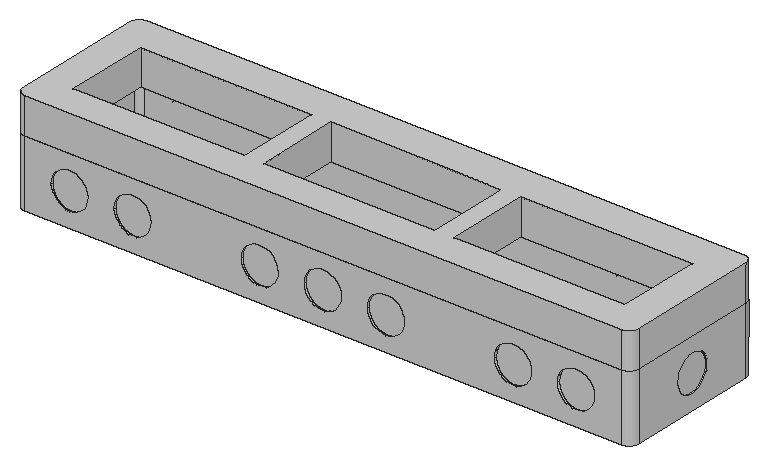
Revit family "Domotics-DomesticRanges-GEWISS-27COMBI_SYSTEM-IP40_4P+4P+4P_HORIZONTAL", category Apparecchi elettrici, host Superficie, Revit 2016
Family settings
  Host = Superficie
  Mantenere orientamento annotazione = No
  Tipo di parte = Normale
  Quota connettore circolare = Usa diametro
  Numero OmniClass = 23.80.30.14.24
  Titolo OmniClass = Junction Boxes
  Taglio con vuoti quando caricato = Sì
  Condiviso = No
  Punto di calcolo locali = No
Parameters (values of type "GW27007 - 4x3 gangs horizontal")
  Version file RFA = "19.4"
  URL = "https://www.gewiss.com/ww/en"
  Type of knockout holes = "Removable with tool"
  Torque screws tightening = "0,8NM"
  Tipo = SYSTEM CONTENITORI IP40 4X3P H_BASE : GW27007 - 4x3 posti orizzontali
  Thermo-pressure with ball = "70 °C"
  Technical sheet = "https://www.gewiss.com/ww/en/search?q=GW27007"
  Standard; = "EN 60670-1"
  Shock resistance = "IK07"
  SEO = "Enclosure"
  SCATOLA = GEWISS GRIGIO
  Realized by GEWISS S.p.A. = ""
  Produttore = "GEWISS S.p.A."
  Outer dim. LxHxD (mm) = "330x82x55"
  Offset contenitore [instance] = 0 mm
  Offset bidimensionale [instance] = Offset contenitore + 55 mm  # 55 mm
  No. knockout holes Ã˜23 = "16 on sides / 3 on the bottom"
  No. knockout holes Ã˜ 23 = "16"
  Modello = "GW27007"
  Lid screws = "Corrosion-resistant steel"
  Larghezza scatola = 330 mm
  Insulation class = "II"
  Installation temperature = "-25 +60 °C"
  IP degree = "IP40"
  IFC.TypeObject = ""
  IFC.ExportType = ""
  IFC.ExportAs = ""
  IDT = "0ac9fafb-c611-4cc4-9ad7-197cb8e27791"
  IDF = "4fa2526b-bcec-4f5e-b748-7f523d4194ae"
  Glow Wire Test = "650°C"
  Electrocod = "0212"
  EAN code = "8011564055308"
  Distanza simbolo [instance] = 231.658 mm
  Default Elevation = 1219.2 mm
  Immagine tipo = GW27007.jpg
  Dimensions LxHxD (mm) = "330x82x55"
  Descrizione = "HORIZ.12(4X3) GANG ENCLOSURE IP40"
  Description: = "12 gang"
  Configuration = "Module 4 x 3"
  Compartment pre-arrangement = "3"
  Colour = "Grey RAL 7035"
  Characteristics = "Halogen free"
  Catalogue Range = "27COMBI"
  Catalogue = "DOMOTICS"
  COBie.Tagnumber = ""
  COBie.CreatedOn = ""
  COBie.CreatebBy = ""
  COBie.ComponentRegisterItemID = ""
  COBie.Component.TagNumber = ""
  COBie.Component.Space = ""
  COBie.Component.SerialNumber = ""
  COBie.Component.InstallationDate = ""
  COBie.Component.Description = ""
  COBie.Component.BarCode = ""
  Bidimensionale = bidimensionale system contenitori IP40 4X3P H : 4P
  Altezza simbolo [instance] = 102.729 mm
Reference planes
  plane 1 "Centro (Fronte/Retro)": y = 0
  plane 2: z = 0
  plane 3 "Centro (Sinistra/Destra)": x = 0
  plane 4: z = 0
  plane 5 "piano bidimensionale": z = 55
  plane 6: y = 41
  plane 7: y = -41
  plane 8 "1": x = -165
  plane 9 "2": x = 165
Forms (mm)
  Extrusion 1, solid, material "GEWISS GRIGIO" <- "SCATOLA", detail levels coarse
    sketch origin (0, 0, 55) x (0, -1, 0) y (1, 0, 0)
      loop
        arc (-41, -160) -> (-39.536, -163.536) -> (-36, -165) r 5
        line (-36, -165) -> (36, -165)
        arc (36, -165) -> (39.536, -163.536) -> (41, -160) r 5
        line (41, -160) -> (41, 160)
        arc (41, 160) -> (39.536, 163.536) -> (36, 165) r 5
        line (36, 165) -> (-36, 165)
        arc (-36, 165) -> (-39.536, 163.536) -> (-41, 160) r 5
        line (-41, 160) -> (-41, -160)
    from -55 to 0
Lines and regions (mm)
  Masking region 1
    outline origin (0, 0, 0) x (1, 0, 0) y (0, 0, 1)
      loop
        line (-165, 0) -> (165, 0) -> (165, 55) -> (-165, 55) -> (-165, 0)
  Masking region 2
    outline origin (0, 0, 0) x (0, 1, 0) y (0, 0, 1)
      loop
        line (-41, 0) -> (41, 0) -> (41, 55) -> (-41, 55) -> (-41, 0)
  Masking region 3, detail levels medium+fine
    outline origin (0, 0, 0) x (1, 0, 0) y (0, 0, 1)
      loop
        circle (0, 18.132) r 10
      loop
        circle (-33.75, 18.132) r 10
      loop
        circle (-101.875, 18.132) r 10
      loop
        circle (-135.852, 18.132) r 10
      loop
        circle (33.75, 18.132) r 10
      loop
        circle (101.875, 18.132) r 10
      loop
        circle (135.852, 18.132) r 10
  Masking region 4, detail levels medium+fine
    outline origin (0, 0, 0) x (0, 1, 0) y (0, 0, 1)
      loop
        circle (0, 18.264) r 10
Dimensions and locks
  "Offset contenitore": plane 4 to host face
  "Offset bidimensionale": plane 5 "piano bidimensionale" to plane 2
  "Larghezza scatola": plane 8 "1" to plane 9 "2"
  equal spacing: plane 8 "1", plane 3 "Centro (Sinistra/Destra)", plane 9 "2"
  locked: plane 6 to plane 7 at 82
  aligned and locked: plane 2 to host face
  aligned and locked: level to host face
  aligned and locked: Extrusion 1 to plane 4
  aligned and locked: plane 5 "piano bidimensionale" to Extrusion 1
  aligned and locked: plane 4 to Extrusion 1  (x5)
  aligned and locked: plane 6 to Extrusion 1
  aligned and locked: Extrusion 1 to plane 8 "1"
  aligned and locked: Extrusion 1 to plane 7
  aligned and locked: plane 3 "Centro (Sinistra/Destra)" to nested 1
  aligned and locked: plane 1 "Centro (Fronte/Retro)" to nested 1
  aligned and locked: Extrusion 1 sketch curve to plane 8 "1"
  aligned and locked: plane 5 "piano bidimensionale" to nested 1
  aligned and locked: plane 8 "1" to nested 2
  aligned and locked: Extrusion 1 sketch curve to plane 9 "2"
  aligned and locked: nested 2 to plane 4
  aligned and locked: Masking region 1 sketch curve to Extrusion 1  (x3)
  aligned and locked: Masking region 1 sketch curve to nested 2
  aligned and locked: Masking region 2 sketch curve to Extrusion 1  (x3)
  aligned and locked: Masking region 2 sketch curve to nested 2
Automatic sketch dimensions
  host sketch curve to host sketch curve = 2438.4 mm  (x2)
  plane 6 to Extrusion 1 sketch curve = 0 mm
  plane 7 to Extrusion 1 sketch curve = 0 mm
  Extrusion 1 sketch curve to plane 6 = 5 mm  (x2)
  plane 7 to Extrusion 1 sketch curve = 5 mm
  Extrusion 1 sketch curve to Extrusion 1 sketch curve = 5 mm
  Masking region 3 sketch curve to plane 3 "Centro (Sinistra/Destra)" = 0 mm
  Masking region 3 sketch curve to Masking region 3 sketch curve = 33.75 mm
  plane 4 to Masking region 3 sketch curve = 18.132 mm  (x7)
  plane 8 "1" to Masking region 3 sketch curve = 63.125 mm
  plane 8 "1" to Masking region 3 sketch curve = 29.148 mm
  plane 3 "Centro (Sinistra/Destra)" to Masking region 3 sketch curve = 33.75 mm
  Masking region 3 sketch curve to plane 9 "2" = 63.125 mm
  Masking region 3 sketch curve to plane 9 "2" = 29.148 mm
  Masking region 4 sketch curve to plane 1 "Centro (Fronte/Retro)" = 0 mm
  plane 4 to Masking region 4 sketch curve = 18.264 mm
  radius of Masking region 3 sketch curve = 10 mm  (x7)
  radius of Masking region 4 sketch curve = 10 mm
Nested families
  nested 1: "bidimensionale system contenitori IP40 4X3P H" at (0, 0, 55), type <- "Bidimensionale", type "4P", detail levels coarse
  nested 2: "SYSTEM CONTENITORI IP40 4X3P H_BASE" at (0, 0, 0), type <- "Tipo", type "GW27007 - 4x3 posti orizzontali"
Connectors
  cabletrayconduit at (-165, 0, 18), diameter 20
    settings: on nested 2, index 1, connector width 300 mm, connector height 300 mm, connector angle 0.00°, system type 32, placement type 0, profile type 0, connector reference index -1, is primary connector yes, connector utility param no, connector description ""
  cabletrayconduit at (-135.83, 41, 18), diameter 20
    settings: on nested 2, index 2, connector width 300 mm, connector height 300 mm, connector angle 0.00°, system type 32, placement type 0, profile type 0, connector reference index -1, is primary connector no, connector utility param no, connector description ""
  cabletrayconduit at (-102, 41, 18), diameter 20
    settings: on nested 2, index 3, connector width 300 mm, connector height 300 mm, connector angle 0.00°, system type 32, placement type 0, profile type 0, connector reference index -1, is primary connector no, connector utility param no, connector description ""
  cabletrayconduit at (-33.83, 41, 18), diameter 20
    settings: on nested 2, index 4, connector width 300 mm, connector height 300 mm, connector angle 0.00°, system type 32, placement type 0, profile type 0, connector reference index -1, is primary connector no, connector utility param no, connector description ""
  cabletrayconduit at (0, 41, 18), diameter 20
    settings: on nested 2, index 5, connector width 300 mm, connector height 300 mm, connector angle 0.00°, system type 32, placement type 0, profile type 0, connector reference index -1, is primary connector no, connector utility param no, connector description ""
  cabletrayconduit at (33.83, 41, 18), diameter 20
    settings: on nested 2, index 6, connector width 300 mm, connector height 300 mm, connector angle 0.00°, system type 32, placement type 0, profile type 0, connector reference index -1, is primary connector no, connector utility param no, connector description ""
  cabletrayconduit at (102, 41, 18), diameter 20
    settings: on nested 2, index 7, connector width 300 mm, connector height 300 mm, connector angle 0.00°, system type 32, placement type 0, profile type 0, connector reference index -1, is primary connector no, connector utility param no, connector description ""
  cabletrayconduit at (135.83, 41, 18), diameter 20
    settings: on nested 2, index 8, connector width 300 mm, connector height 300 mm, connector angle 0.00°, system type 32, placement type 0, profile type 0, connector reference index -1, is primary connector no, connector utility param no, connector description ""
  cabletrayconduit at (-135.83, -41, 18), diameter 20
    settings: on nested 2, index 9, connector width 300 mm, connector height 300 mm, connector angle 0.00°, system type 32, placement type 0, profile type 0, connector reference index -1, is primary connector no, connector utility param no, connector description ""
  cabletrayconduit at (-102, -41, 18), diameter 20
    settings: on nested 2, index 10, connector width 300 mm, connector height 300 mm, connector angle 0.00°, system type 32, placement type 0, profile type 0, connector reference index -1, is primary connector no, connector utility param no, connector description ""
  cabletrayconduit at (-33.83, -41, 18), diameter 20
    settings: on nested 2, index 11, connector width 300 mm, connector height 300 mm, connector angle 0.00°, system type 32, placement type 0, profile type 0, connector reference index -1, is primary connector no, connector utility param no, connector description ""
  cabletrayconduit at (0, -41, 18), diameter 20
    settings: on nested 2, index 12, connector width 300 mm, connector height 300 mm, connector angle 0.00°, system type 32, placement type 0, profile type 0, connector reference index -1, is primary connector no, connector utility param no, connector description ""
  cabletrayconduit at (33.83, -41, 18), diameter 20
    settings: on nested 2, index 13, connector width 300 mm, connector height 300 mm, connector angle 0.00°, system type 32, placement type 0, profile type 0, connector reference index -1, is primary connector no, connector utility param no, connector description ""
  cabletrayconduit at (102, -41, 18), diameter 20
    settings: on nested 2, index 14, connector width 300 mm, connector height 300 mm, connector angle 0.00°, system type 32, placement type 0, profile type 0, connector reference index -1, is primary connector no, connector utility param no, connector description ""
  cabletrayconduit at (135.83, -41, 18), diameter 20
    settings: on nested 2, index 15, connector width 300 mm, connector height 300 mm, connector angle 0.00°, system type 32, placement type 0, profile type 0, connector reference index -1, is primary connector no, connector utility param no, connector description ""
  cabletrayconduit at (165, 0, 18), diameter 20
    settings: on nested 2, index 16, connector width 300 mm, connector height 300 mm, connector angle 0.00°, system type 32, placement type 0, profile type 0, connector reference index -1, is primary connector no, connector utility param no, connector description ""
Definition of nested family "SYSTEM CONTENITORI IP40 4X3P H_BASE"
  Parameters (values of type "GW27007 - 4x3 posti orizzontali")
    SCATOLA = none
    PRESA = none
    Profondità scatola = 55 mm  # constant formula
    Larghezza scatola = 330 mm
    Larghezza foro = 92 mm
    Bidimensionale = 70 mm
    Altezza scatola = 82 mm  # constant formula
    Altezza foro = 45 mm
  Reference planes
    plane 1 "Centro (Fronte/Retro)": y = 0
    plane 2: z = 0
    plane 3 "Centro (Sinistra/Destra)": x = 0
    plane 4: y = -41
    plane 5: y = 41
    plane 6: x = -165
    plane 7: x = 165
    plane 8 "PIANO BIDIMENSIONALE": z = 70
    plane 9: z = 55
    plane 10: y = 21.5
    plane 11: y = -23.5
    plane 12: x = -46
    plane 13: x = 46
    plane 14: x = -56
    plane 15: x = -148
    plane 16: x = 56
    plane 17: x = 148
  Forms (mm)
    Extrusion 1, solid, material <- "SCATOLA", detail levels medium+fine
      sketch origin (0, 0, 66) x (0, -1, 0) y (1, 0, 0)
        loop
          arc (-41, -160) -> (-39.536, -163.536) -> (-36, -165) r 5
          line (-36, -165) -> (36, -165)
          arc (36, -165) -> (39.536, -163.536) -> (41, -160) r 5
          line (41, -160) -> (41, 160)
          arc (41, 160) -> (39.536, 163.536) -> (36, 165) r 5
          line (36, 165) -> (-36, 165)
          arc (-36, 165) -> (-39.536, 163.536) -> (-41, 160) r 5
          line (-41, 160) -> (-41, -160)
        loop
          line (36, 163) -> (-36, 163)
          arc (-36, 163) -> (-38.121, 162.121) -> (-39, 160) r 3
          line (-39, 160) -> (-39, -160)
          arc (-39, -160) -> (-38.121, -162.121) -> (-36, -163) r 3
          line (-36, -163) -> (36, -163)
          arc (36, -163) -> (38.121, -162.121) -> (39, -160) r 3
          line (39, -160) -> (39, 160)
          arc (39, 160) -> (38.121, 162.121) -> (36, 163) r 3
      from -66 to -30
    Extrusion 2, void, detail levels medium+fine
      sketch origin (0, 0, 0) x (0, 1, 0) y (0, 0, 1)
        loop
          circle (0, 18) r 10
      from 163.911 to 165
    Extrusion 3, void, detail levels medium+fine
      sketch origin (0, 25.408, 0) x (1, 0, 0) y (0, 0, -1)
        loop
          circle (0, -18) r 10
        loop
          circle (-33.83, -18) r 10
        loop
          circle (33.83, -18) r 10
        loop
          circle (-135.83, -18) r 10
        loop
          circle (-102, -18) r 10
        loop
          circle (102, -18) r 10
        loop
          circle (135.83, -18) r 10
      from 14.491 to 15.592
    Extrusion 4, void, detail levels medium+fine
      sketch origin (-81, 0, 0) x (0, 1, 0) y (0, 0, 1)
        loop
          circle (0, 18) r 10
      from -84 to -82.896
    Extrusion 5, void
      sketch origin (0, 0, 0) x (1, 0, 0) y (0, 0, 1)
        loop
          circle (0, 18) r 10
        loop
          circle (-33.83, 18) r 10
        loop
          circle (33.83, 18) r 10
        loop
          circle (102, 18) r 10
        loop
          circle (135.83, 18) r 10
        loop
          circle (-102, 18) r 10
        loop
          circle (-135.83, 18) r 10
      from 40.113 to 41
    Extrusion 6, solid, material <- "SCATOLA", detail levels medium+fine
      sketch origin (0, 0, 0) x (1, 0, 0) y (0, 1, 0)
        loop
          line (-163, 36) -> (-163, -36)
          arc (-163, -36) -> (-162.121, -38.121) -> (-160, -39) r 3
          line (-160, -39) -> (160, -39)
          arc (160, -39) -> (162.121, -38.121) -> (163, -36) r 3
          line (163, -36) -> (163, 36)
          arc (163, 36) -> (162.121, 38.121) -> (160, 39) r 3
          line (160, 39) -> (-160, 39)
          arc (-160, 39) -> (-162.121, 38.121) -> (-163, 36) r 3
      from 0 to 2
    Extrusion 7, solid, material <- "SCATOLA", detail levels medium+fine
      sketch origin (0, 0, 70) x (-1, 0, 0) y (0, -1, 0)
        loop
          line (165, -36) -> (165, 36)
          arc (165, 36) -> (163.536, 39.536) -> (160, 41) r 5
          line (160, 41) -> (-160, 41)
          arc (-160, 41) -> (-163.536, 39.536) -> (-165, 36) r 5
          line (-165, 36) -> (-165, -36)
          arc (-165, -36) -> (-163.536, -39.536) -> (-160, -41) r 5
          line (-160, -41) -> (160, -41)
          arc (160, -41) -> (163.536, -39.536) -> (165, -36) r 5
        loop
          line (148, 23.5) -> (56, 23.5) -> (56, -21.5) -> (148, -21.5) -> (148, 23.5)
        loop
          line (46, 23.5) -> (-46, 23.5) -> (-46, -21.5) -> (46, -21.5) -> (46, 23.5)
        loop
          line (-148, -21.5) -> (-56, -21.5) -> (-56, 23.5) -> (-148, 23.5) -> (-148, -21.5)
      from -34 to -15
  Cuts and joins
    Extrusion 2, Extrusion 3, Extrusion 4, Extrusion 5 cuts Extrusion 1
  Lines and regions (mm)
    Masking region 1
      outline origin (0, 0, 70) x (-1, 0, 0) y (0, -1, 0)
        loop
          line (-160, -41) -> (160, -41)
          arc (160, -41) -> (163.536, -39.536) -> (165, -36) r 5
          line (165, -36) -> (165, 36)
          arc (165, 36) -> (163.536, 39.536) -> (160, 41) r 5
          line (160, 41) -> (-160, 41)
          arc (-160, 41) -> (-163.536, 39.536) -> (-165, 36) r 5
          line (-165, 36) -> (-165, -36)
          arc (-165, -36) -> (-163.536, -39.536) -> (-160, -41) r 5
        loop
          circle (-160, 36) r 2
        loop
          circle (-160, -36) r 2
        loop
          circle (160, -36) r 2
        loop
          circle (160, 36) r 2
        loop
          line (46, 23.5) -> (-46, 23.5) -> (-46, -21.5) -> (46, -21.5) -> (46, 23.5)
        loop
          line (-56, 23.5) -> (-148, 23.5) -> (-148, -21.5) -> (-56, -21.5) -> (-56, 23.5)
        loop
          line (56, -21.5) -> (148, -21.5) -> (148, 23.5) -> (56, 23.5) -> (56, -21.5)
    Masking region 2
      outline origin (0, 0, 70) x (-1, 0, 0) y (0, -1, 0)
        loop
          circle (160, -36) r 2
        loop
          circle (160, 36) r 2
        loop
          circle (-160, 36) r 2
        loop
          circle (-160, -36) r 2
        loop
          line (148, -21.5) -> (148, 23.5) -> (56, 23.5) -> (56, -21.5) -> (148, -21.5)
        loop
          line (46, -21.5) -> (46, 23.5) -> (-46, 23.5) -> (-46, -21.5) -> (46, -21.5)
        loop
          line (-56, -21.5) -> (-56, 23.5) -> (-148, 23.5) -> (-148, -21.5) -> (-56, -21.5)
  Dimensions and locks
    equal spacing: plane 4, plane 1 "Centro (Fronte/Retro)", plane 5
    plane 4 to plane 5 = 82 mm
    equal spacing: plane 6, plane 3 "Centro (Sinistra/Destra)", plane 7
    "Larghezza scatola": plane 6 to plane 7
    equal spacing: plane 5, plane 1 "Centro (Fronte/Retro)", plane 4
    "Altezza scatola": plane 5 to plane 4
    "Bidimensionale": plane 8 "PIANO BIDIMENSIONALE" to level
    "Profondità scatola": plane 9 to plane 2
    "Altezza foro": plane 10 to plane 11
    locked: cut or joined group of Extrusion 1, Extrusion 2, Extrusion 3, Extrusion 4, Extrusion 5 to Extrusion 7 at 1.089
    locked: Extrusion 7 to cut or joined group of Extrusion 1, Extrusion 2, Extrusion 3, Extrusion 4, Extrusion 5 at 1.104
    equal spacing: plane 12, plane 3 "Centro (Sinistra/Destra)", plane 13
    "Larghezza foro": plane 12 to plane 13
    "Larghezza foro": plane 15 to plane 14
    "Larghezza foro": plane 16 to plane 17
    equal spacing: plane 14, plane 3 "Centro (Sinistra/Destra)", plane 16
    locked: plane 14 to plane 12 at 10
    aligned and locked: level to plane 2
    aligned and locked: plane 7 to Extrusion 2
    aligned and locked: plane 5 to Extrusion 3
    aligned and locked: Extrusion 5 to plane 4
    aligned and locked: Extrusion 6 to cut or joined group of Extrusion 1, Extrusion 2, Extrusion 3, Extrusion 4, Extrusion 5  (x4)
    aligned and locked: Extrusion 4 to plane 6
    aligned and locked: cut or joined group of Extrusion 1, Extrusion 2, Extrusion 3, Extrusion 4, Extrusion 5 to plane 2
    aligned and locked: Extrusion 1 to level
    aligned and locked: Extrusion 7 sketch curve to cut or joined group of Extrusion 1, Extrusion 2, Extrusion 3, Extrusion 4, Extrusion 5  (x4)
    aligned and locked: Extrusion 7 to cut or joined group of Extrusion 1, Extrusion 2, Extrusion 3, Extrusion 4, Extrusion 5
    aligned and locked: Extrusion 7 to plane 9
    aligned and locked: Masking region 1 sketch curve to Extrusion 7  (x4)
    aligned and locked: Masking region 1 to plane 6
    aligned and locked: plane 7 to Masking region 1
    aligned and locked: Masking region 1 sketch curve to plane 11  (x3)
    aligned and locked: Masking region 1 sketch curve to plane 12
    aligned and locked: plane 10 to Masking region 1 sketch curve
    aligned and locked: plane 13 to Masking region 1 sketch curve
    aligned and locked: plane 16 to Masking region 1 sketch curve
    aligned and locked: Masking region 1 sketch curve to plane 10
    aligned and locked: Masking region 1 sketch curve to plane 17
    aligned and locked: Masking region 1 sketch curve to plane 15
    aligned and locked: Masking region 2 sketch curve to plane 10  (x3)
    aligned and locked: Masking region 2 sketch curve to plane 14
    aligned and locked: plane 12 to Masking region 2 sketch curve
    aligned and locked: plane 15 to Masking region 2 sketch curve
    aligned and locked: Masking region 2 sketch curve to plane 13
    aligned and locked: Masking region 2 sketch curve to plane 16
    aligned and locked: plane 17 to Masking region 2 sketch curve
    aligned and locked: Masking region 2 sketch curve to plane 11
    aligned and locked: plane 11 to Masking region 2 sketch curve  (x2)
    aligned and locked: plane 14 to Masking region 1 sketch curve
    aligned and locked: Extrusion 7 sketch curve to plane 12
    aligned and locked: plane 13 to Extrusion 7 sketch curve
    aligned and locked: plane 16 to Extrusion 7 sketch curve
    aligned and locked: Extrusion 7 sketch curve to plane 17
    aligned and locked: plane 14 to Extrusion 7 sketch curve
    aligned and locked: Extrusion 7 sketch curve to plane 15
    aligned and locked: plane 10 to Extrusion 7 sketch curve  (x2)
    aligned and locked: Extrusion 7 sketch curve to plane 10
    aligned and locked: Extrusion 7 sketch curve to plane 11  (x3)
  Automatic sketch dimensions
    Extrusion 1 sketch curve to plane 5 = 0 mm
    Extrusion 1 sketch curve to plane 6 = 0 mm
    Extrusion 1 sketch curve to plane 7 = 0 mm
    Extrusion 1 sketch curve to plane 4 = 0 mm
    Extrusion 1 sketch curve to Extrusion 1 sketch curve = 5 mm  (x2)
    plane 4 to Extrusion 1 sketch curve = 5 mm  (x2)
    Extrusion 2 sketch curve to plane 1 "Centro (Fronte/Retro)" = 0 mm
    level to Extrusion 2 sketch curve = 18 mm
    Extrusion 4 sketch curve to plane 1 "Centro (Fronte/Retro)" = 0 mm
    level to Extrusion 4 sketch curve = 18 mm
    Extrusion 1 sketch curve to Extrusion 1 sketch curve = 0 mm  (x7)
    Extrusion 1 sketch curve to Extrusion 1 sketch curve = 2 mm
    plane 6 to Extrusion 6 sketch curve = 2 mm
    plane 4 to Extrusion 6 sketch curve = 2 mm
    Extrusion 6 sketch curve to Extrusion 6 sketch curve = 3 mm  (x2)
    Extrusion 6 sketch curve to plane 7 = 5 mm  (x2)
    Extrusion 6 sketch curve to plane 7 = 2 mm
    Extrusion 6 sketch curve to plane 5 = 5 mm
    plane 6 to Masking region 2 sketch curve = 5 mm  (x2)
    Masking region 2 sketch curve to plane 5 = 5 mm  (x2)
    Masking region 2 sketch curve to Masking region 2 sketch curve = 2 mm  (x4)
    plane 4 to Masking region 2 sketch curve = 5 mm  (x2)
    Masking region 2 sketch curve to plane 7 = 5 mm  (x2)
    Masking region 1 sketch curve to Masking region 1 sketch curve = 0 mm  (x8)
    Masking region 1 sketch curve to Masking region 1 sketch curve = 5 mm  (x2)
    plane 4 to Masking region 1 sketch curve = 5 mm
    plane 6 to Masking region 1 sketch curve = 5 mm
    Extrusion 7 sketch curve to plane 7 = 5 mm  (x2)
    Extrusion 7 sketch curve to Extrusion 7 sketch curve = 5 mm
    plane 6 to Extrusion 7 sketch curve = 5 mm
    Masking region 1 sketch curve to plane 10 = 0 mm
    Extrusion 5 sketch curve to Extrusion 5 sketch curve = 0 mm  (x14)
    Extrusion 5 sketch curve to plane 3 "Centro (Sinistra/Destra)" = 0 mm
    plane 12 to Extrusion 5 sketch curve = 12.17 mm
    level to Extrusion 5 sketch curve = 18 mm  (x7)
    Extrusion 5 sketch curve to plane 14 = 46 mm
    plane 15 to Extrusion 5 sketch curve = 12.17 mm
    Extrusion 5 sketch curve to plane 13 = 12.17 mm
    Extrusion 5 sketch curve to plane 16 = 46 mm
    plane 17 to Extrusion 5 sketch curve = 12.17 mm
    Extrusion 5 sketch curve to plane 3 "Centro (Sinistra/Destra)" = 10 mm
    Extrusion 5 sketch curve to Extrusion 5 sketch curve = 10 mm  (x6)
    Extrusion 3 sketch curve to plane 3 "Centro (Sinistra/Destra)" = 0 mm
    plane 12 to Extrusion 3 sketch curve = 12.17 mm
    Extrusion 3 sketch curve to plane 13 = 12.17 mm
    level to Extrusion 3 sketch curve = 18 mm  (x7)
    Extrusion 3 sketch curve to Extrusion 3 sketch curve = 10 mm  (x6)
    plane 15 to Extrusion 3 sketch curve = 12.17 mm
    Extrusion 3 sketch curve to Extrusion 3 sketch curve = 23.83 mm
    Extrusion 3 sketch curve to plane 16 = 46 mm
    Extrusion 3 sketch curve to Extrusion 3 sketch curve = 0 mm  (x2)
    plane 17 to Extrusion 3 sketch curve = 12.17 mm
    radius of Extrusion 2 sketch curve = 10 mm
    radius of Extrusion 4 sketch curve = 10 mm
    radius of Masking region 1 sketch curve = 2 mm  (x4)
    radius of Extrusion 3 sketch curve = 10 mm
Definition of nested family "bidimensionale system contenitori IP40 4X3P H"
  Parameters (values of type "4P")
    Larghezza scatola = 330 mm
    Larghezza foro = 92 mm
    Altezza scatola = 82 mm
    Altezza foro = 45 mm  # constant formula
  Reference planes
    plane 1 "Centro (Fronte/Retro)": y = 0
    plane 2: z = 0
    plane 3 "Centro (Sinistra/Destra)": x = 0
    plane 4: x = -165
    plane 5: x = 165
    plane 6: y = 41
    plane 7: y = -41
    plane 8: y = 21.5
    plane 9: y = -23.5
    plane 10: x = -148
    plane 11: x = -56
    plane 12: x = -46
    plane 13: x = 46
    plane 14: x = 56
    plane 15: x = 148
  Lines and regions (mm)
    model lines
      curve 1: line (-165, -36, 0) -> (-165, 36, 0)
      curve 2: arc (-165, 36, 0) -> (-163.536, 39.536, 0) -> (-160, 41, 0) r 5
      curve 3: line (-160, 41, 0) -> (160, 41, 0)
      curve 4: arc (160, 41, 0) -> (163.536, 39.536, 0) -> (165, 36, 0) r 5
      curve 5: line (165, 36, 0) -> (165, -36, 0)
      curve 6: arc (165, -36, 0) -> (163.536, -39.536, 0) -> (160, -41, 0) r 5
      curve 7: line (160, -41, 0) -> (-160, -41, 0)
      curve 8: arc (-160, -41, 0) -> (-163.536, -39.536, 0) -> (-165, -36, 0) r 5
      curve 9: circle (-160, 36, 0) r 2 normal (0, 0, 1)
      curve 10: circle (160, 36, 0) r 2 normal (0, 0, 1)
      curve 11: circle (160, -36, 0) r 2 normal (0, 0, 1)
      curve 12: circle (-160, -36, 0) r 2 normal (0, 0, 1)
      curve 13: line (-148, -23.5, 0) -> (-56, -23.5, 0)
      curve 14: line (-148, 22.5, 0) -> (-148, -23.5, 0)
      curve 15: line (-56, 21.5, 0) -> (-148, 21.5, 0)
      curve 16: line (-56, -23.5, 0) -> (-56, 22.5, 0)
      curve 17: line (-46, -23.5, 0) -> (46, -23.5, 0)
      curve 18: line (-46, 22.5, 0) -> (-46, -23.5, 0)
      curve 19: line (46, 21.5, 0) -> (-46, 21.5, 0)
      curve 20: line (46, -23.5, 0) -> (46, 22.5, 0)
      curve 21: arc (-146, 24.5, 0) -> (-147.414, 23.914, 0) -> (-148, 22.5, 0) r 2
      curve 22: line (-146, 24.5, 0) -> (-58, 24.5, 0)
      curve 23: arc (-56, 22.5, 0) -> (-56.586, 23.914, 0) -> (-58, 24.5, 0) r 2
      curve 24: arc (-44, 24.5, 0) -> (-45.414, 23.914, 0) -> (-46, 22.5, 0) r 2
      curve 25: line (44, 24.5, 0) -> (-44, 24.5, 0)
      curve 26: arc (46, 22.5, 0) -> (45.414, 23.914, 0) -> (44, 24.5, 0) r 2
      curve 27: line (148, -23.5, 0) -> (56, -23.5, 0)
      curve 28: line (148, 22.5, 0) -> (148, -23.5, 0)
      curve 29: line (56, 21.5, 0) -> (148, 21.5, 0)
      curve 30: line (56, -23.5, 0) -> (56, 22.5, 0)
      curve 31: arc (146, 24.5, 0) -> (147.414, 23.914, 0) -> (148, 22.5, 0) r 2
      curve 32: line (146, 24.5, 0) -> (58, 24.5, 0)
      curve 33: arc (56, 22.5, 0) -> (56.586, 23.914, 0) -> (58, 24.5, 0) r 2
  Dimensions and locks
    equal spacing: plane 6, plane 1 "Centro (Fronte/Retro)", plane 7
    equal spacing: plane 4, plane 3 "Centro (Sinistra/Destra)", plane 5
    "Altezza scatola": plane 6 to plane 7
    "Larghezza scatola": plane 4 to plane 5
    "Altezza foro": plane 9 to plane 8
    "Larghezza foro": plane 10 to plane 11
    "Larghezza foro": plane 12 to plane 13
    "Larghezza foro": plane 14 to plane 15
    aligned and locked: level to plane 2
    aligned and locked: plane 9 to curve 13
    aligned and locked: curve 15 to plane 8
    aligned and locked: plane 9 to curve 17
    aligned and locked: curve 19 to plane 8
    aligned and locked: plane 10 to curve 14
    aligned and locked: curve 16 to plane 11
    aligned and locked: plane 12 to curve 18
    aligned and locked: curve 20 to plane 13
    aligned and locked: curve 30 to plane 14
    aligned and locked: plane 15 to curve 28
  Automatic sketch dimensions
    curve 2 to curve 9 = 0 mm  (x2)
    curve 4 to curve 10 = 0 mm  (x2)
    curve 6 to curve 11 = 0 mm  (x2)
    curve 8 to curve 12 = 0 mm  (x2)
    curve 1 to plane 4 = 0 mm
    curve 2 to plane 6 = 0 mm
    curve 7 to plane 7 = 0 mm
    plane 9 to curve 27 = 0 mm
    curve 5 to plane 5 = 0 mm
    plane 8 to curve 29 = 0 mm
    plane 4 to curve 3 = 5 mm
    plane 4 to curve 7 = 5 mm
    curve 21 to plane 8 = 1 mm
    curve 14 to curve 21 = 2 mm
    curve 23 to plane 8 = 1 mm
    curve 25 to plane 12 = 2 mm
    plane 13 to curve 25 = 2 mm
    curve 32 to plane 14 = 2 mm
    curve 31 to plane 8 = 1 mm
    curve 31 to curve 31 = 2 mm
    curve 3 to plane 5 = 5 mm
    curve 7 to plane 5 = 5 mm
    curve 18 to plane 8 = 1 mm
    radius of curve 9 = 2 mm
    radius of curve 10 = 2 mm
    radius of curve 11 = 2 mm
    radius of curve 12 = 2 mm
